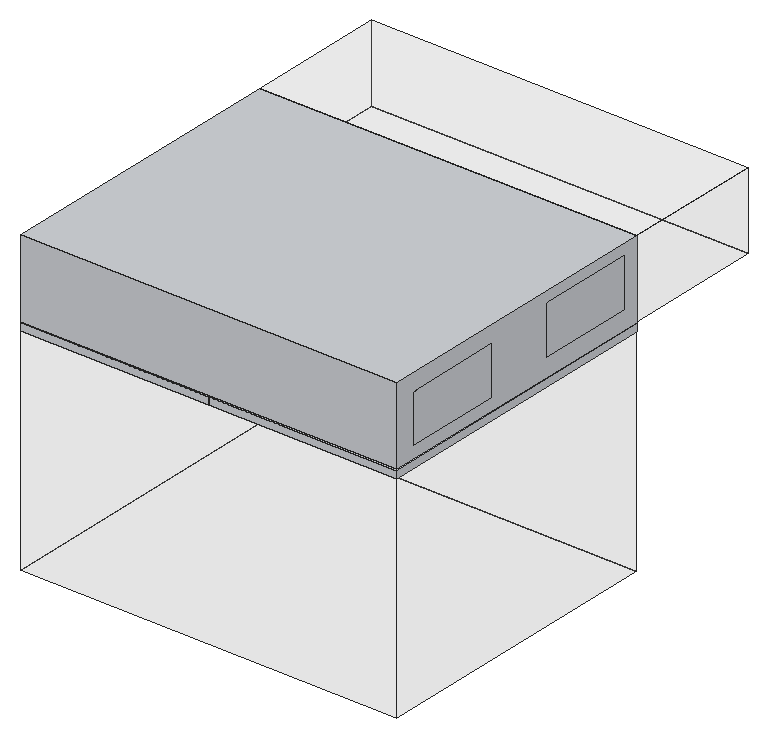
Revit family "AHU 3 _6", category Mechanické zařízení, Revit 2018
Family settings
  Kóta kulaté spojky = Použít průměr
  Typ dílu = Normální
  Číslo OmniClass = 23.75.00.00
  Nadpis OmniClass = Climate Control (HVAC)
  Založené na pracovní rovině = Ne
  Vždy vertikální = Ano
  Ořezat dutým tvarem při načtení = Ne
  Sdílené = Ne
  Bod výpočtu místnosti = Ne
Parameters (values of type "DUPLEXVENT Flexi (3G) DV1700 (RD5)")
  Width [instance] = 1.55 mm
  Weight [instance] = 259.00 kg
  URL = ""
  Type [instance] = "DUPLEXVENT Flexi (3G) DV1700 (RD5)"
  Total_SFP [instance] = 0
  Supply_outlet_hum [instance] = 24.9
  Supply_inlet_hum [instance] = 90
  Supply_ext_pressure [instance] = 200.0 Pa
  Supply_SFP [instance] = 0
  Source_adu_file [instance] = "C:\\\\Users\\\\dgavril\\\\OneDrive - Airflow Developments Ltd\\\\Desktop\\\\adu durley chine V4.adu"
  Recuperation_type [instance] = "Plate heat recovery exchanger"
  Recuperation_efficiency_EN308 [instance] = 82.9
  Project_name [instance] = "Durley Chine Passivhaus"
  Project_date [instance] = "13-08-2021"
  Power_supply_fusing [instance] = "0"
  Power_supply_cable [instance] = "0"
  Position [instance] = "AHU 3 "
  Phases_count [instance] = 1
  Panel_thickness [instance] = 0.06 mm
  Outer_surface [instance] = "RAL 9002"
  Length [instance] = 1.95 mm
  Insulation_type [instance] = "PUR"
  Insulation_thickness [instance] = 0.05 mm
  Installation_environment [instance] = ""
  Input_power_max [instance] = 1560 W
  Inner_surface [instance] = "Pozink"
  I2 [instance] = I1  # 0.0 L/s
  Height [instance] = 0.445 mm
  Exhaust_outlet_hum [instance] = 95.9
  Exhaust_inlet_hum [instance] = 40
  Exhaust_ext_pressure [instance] = 200.0 Pa
  Exhaust_SFP [instance] = 0
  E1 [instance] = E2 - M1  # 0.0 L/s
  E2 [instance] = 0.0 L/s
  I1 [instance] = 0.0 L/s
  Description = ""
  M1 [instance] = 0.0 L/s
  Device_dutypoint_version [instance] = "17"
  Device_design_version [instance] = "56"
  Device_adu_id [instance] = "6"
  Current_max [instance] = 7.8 A
  Casing_mat [instance] = "painted zinc layer"
  Cable type [instance] = "CYKY 5Jx2,5"
Reference planes
  plane 1 "Střed (vpředu/vzadu)": y = 0
  plane 2 "ref": z = 0
  plane 3 "Střed (vlevo/vpravo)": x = 0
Forms (mm)
  Sweep 1, solid
    path origin (0, 0, -400) x (0, 0, 1) y (1, 0, 0)
      loop
        line (0, 0) -> (400, 0)
    profile origin (0, 0, -400) x (1, 0, 0) y (0, 1, 0)
      loop
        line (0, 0) -> (1950, 0) -> (1950, 1550) -> (0, 1550) -> (0, 0)
  Sweep 2, solid
    path origin (1949, 355, -210) x (1, 0, 0) y (0, 1, 0)
      loop
        line (0, 0) -> (1, 0)
    profile origin (1949, 355, -210) x (0, 1, 0) y (0, 0, 1)
      loop
        line (250, 125) -> (-250, 125) -> (-250, -125) -> (250, -125) -> (250, 125)
  Sweep 3, solid
    path origin (1, 1215, -177) x (0, 1, 0) y (-1, 0, 0)
      loop
        line (0, 0) -> (0, 1)
    profile origin (1, 1215, -177) x (0, -1, 0) y (0, 0, 1)
      loop
        line (-250, 125) -> (-250, -125) -> (250, -125) -> (250, 125) -> (-250, 125)
  Sweep 4, solid
    path origin (1, 355, -210) x (0, 1, 0) y (-1, 0, 0)
      loop
        line (0, 0) -> (0, 1)
    profile origin (1, 355, -210) x (0, -1, 0) y (0, 0, 1)
      loop
        line (-250, 125) -> (-250, -125) -> (250, -125) -> (250, 125) -> (-250, 125)
  Sweep 5, solid
    path origin (1949, 1215, -177) x (1, 0, 0) y (0, 1, 0)
      loop
        line (0, 0) -> (1, 0)
    profile origin (1949, 1215, -177) x (0, 1, 0) y (0, 0, 1)
      loop
        line (250, 125) -> (-250, 125) -> (-250, -125) -> (250, -125) -> (250, 125)
  Sweep 6, solid
    path origin (1885, 1550, -420) x (0, 1, 0) y (-1, 0, 0)
      loop
        line (0, 0) -> (30, 0)
    profile origin (1885, 1550, -420) x (-1, 0, 0) y (0, 0, 1)
      loop
        circle (0, 0) r 16
  Sweep 7, solid, material "Servisní prostor"
    path origin (0, 0, -1555) x (0, 0, 1) y (1, 0, 0)
      loop
        line (0, 0) -> (1110, 0)
    profile origin (0, 0, -1555) x (1, 0, 0) y (0, 1, 0)
      loop
        line (0, 0) -> (1950, 0) -> (1950, 1550) -> (0, 1550) -> (0, 0)
  Sweep 8, solid, material "Servisní prostor"
    path origin (0, 0, -400) x (0, 0, 1) y (1, 0, 0)
      loop
        line (0, 0) -> (400, 0)
    profile origin (0, 0, -400) x (1, 0, 0) y (0, 1, 0)
      loop
        line (0, 2270) -> (0, 1550) -> (1950, 1550) -> (1950, 2270) -> (0, 2270)
  Sweep 9, solid
    path origin (0, 0, -445) x (0, 0, 1) y (1, 0, 0)
      loop
        line (0, 0) -> (40, 0)
    profile origin (0, 0, -445) x (1, 0, 0) y (0, 1, 0)
      loop
        line (0, 1550) -> (0, 0) -> (975, 0) -> (975, 1550) -> (0, 1550)
  Sweep 10, solid
    path origin (0, 0, -445) x (0, 0, 1) y (1, 0, 0)
      loop
        line (0, 0) -> (40, 0)
    profile origin (0, 0, -445) x (1, 0, 0) y (0, 1, 0)
      loop
        line (975, 1550) -> (975, 0) -> (1950, 0) -> (1950, 1550) -> (975, 1550)
  Sweep 11, solid
    path origin (0, 0, -355) x (0, 0, 1) y (1, 0, 0)
      loop
        line (0, 0) -> (190, 0)
    profile origin (0, 0, -355) x (1, 0, 0) y (0, 1, 0)
      loop
        line (650, 1550) -> (1305, 1550) -> (1305, 1675) -> (650, 1675) -> (650, 1550)
  Sweep 12, solid
    path origin (650, 1613, -260) x (0, 0, -1) y (1, 0, 0)
      loop
        line (0, 0) -> (0, -1)
    profile origin (650, 1613, -260) x (0, 0, -1) y (0, -1, 0)
      loop
        circle (0, 0) r 10
Lines and regions (mm)
  model lines, style "Symbol"
    curve 1: line (1000, 0, 0) -> (1000, 310, 0)
    curve 2: line (1000, 1550, 0) -> (1000, 1240, 0)
    curve 3: line (0, 775, 0) -> (535, 775, 0)
    curve 4: line (1950, 775, 0) -> (1465, 775, 0)
    curve 5: line (535, 775, 0) -> (767, 1240, 0)
    curve 6: line (767, 1240, 0) -> (1232, 1240, 0)
    curve 7: line (1232, 1240, 0) -> (1465, 775, 0)
    curve 8: line (1465, 775, 0) -> (1232, 310, 0)
    curve 9: line (1232, 310, 0) -> (1000, 310, 0)
    curve 10: line (1000, 310, 0) -> (767, 310, 0)
    curve 11: line (767, 310, 0) -> (535, 775, 0)
    curve 12: line (341, 1052, 0) -> (93, 1094, 0)
    curve 13: line (341, 1273, 0) -> (93, 1231, 0)
    curve 14: line (1609, 1273, 0) -> (1857, 1231, 0)
    curve 15: line (1609, 1052, 0) -> (1857, 1094, 0)
    curve 16: line (1774, 620, 0) -> (1774, 155, 0)
    curve 17: line (1774, 155, 0) -> (1657, 155, 0)
    curve 18: line (1657, 155, 0) -> (1657, 620, 0)
    curve 19: line (1657, 620, 0) -> (1774, 620, 0)
    curve 20: line (1716, 620, 0) -> (1657, 388, 0)
    curve 21: line (1716, 155, 0) -> (1657, 388, 0)
    curve 22: line (175, 155, 0) -> (175, 620, 0)
    curve 23: line (175, 620, 0) -> (292, 620, 0)
    curve 24: line (292, 620, 0) -> (292, 155, 0)
    curve 25: line (292, 155, 0) -> (175, 155, 0)
    curve 26: line (234, 155, 0) -> (292, 388, 0)
    curve 27: line (234, 620, 0) -> (292, 388, 0)
    curve 28: line (1247, 306, 0) -> (1459, 721, 0)
    curve 29: line (1459, 721, 0) -> (1528, 686, 0)
    curve 30: line (1528, 686, 0) -> (1316, 271, 0)
    curve 31: line (1316, 271, 0) -> (1247, 306, 0)
    curve 32: line (1388, 565, 0) -> (1471, 592, 0)
    curve 33: line (1304, 400, 0) -> (1387, 427, 0)
    curve 34: line (0, 1550, -445) -> (975, 1550, -445)
    curve 35: line (0, 0, -445) -> (975, 0, -445)
    curve 36: line (0, 1550, -445) -> (0, 0, -445)
    curve 37: line (975, 1550, -445) -> (975, 0, -445)
    curve 38: line (0, 1550, -445) -> (0, 1550, -405)
    curve 39: line (975, 1550, -445) -> (975, 1550, -405)
    curve 40: line (0, 0, -445) -> (0, 0, -405)
    curve 41: line (975, 0, -445) -> (975, 0, -405)
    curve 42: line (975, 1550, -445) -> (1950, 1550, -445)
    curve 43: line (975, 0, -445) -> (1950, 0, -445)
    curve 44: line (975, 1550, -445) -> (975, 0, -445)
    curve 45: line (1950, 1550, -445) -> (1950, 0, -445)
    curve 46: line (975, 1550, -445) -> (975, 1550, -405)
    curve 47: line (1950, 1550, -445) -> (1950, 1550, -405)
    curve 48: line (975, 0, -445) -> (975, 0, -405)
    curve 49: line (1950, 0, -445) -> (1950, 0, -405)
    curve 50: line (3, 1550, 0) -> (3, 1605, 0)
    curve 51: line (3, 1605, 0) -> (52, 1605, 0)
    curve 52: line (52, 1605, 0) -> (52, 1550, 0)
    curve 53: line (52, 1550, 0) -> (3, 1550, 0)
    curve 54: line (52, 1550, -150) -> (52, 1550, 0)
    curve 55: line (52, 1550, 0) -> (52, 1605, 0)
    curve 56: line (52, 1605, 0) -> (52, 1605, -150)
    curve 57: line (52, 1605, -150) -> (52, 1550, -150)
    curve 58: line (40, 1550, -150) -> (3, 1550, 0)
    curve 59: line (3, 1550, 0) -> (52, 1550, 0)
    curve 60: line (52, 1550, 0) -> (52, 1550, -150)
    curve 61: line (52, 1550, -150) -> (40, 1550, -150)
    curve 62: line (40, 1605, -150) -> (3, 1605, 0)
    curve 63: line (3, 1605, 0) -> (52, 1605, 0)
    curve 64: line (52, 1605, 0) -> (52, 1605, -150)
    curve 65: line (52, 1605, -150) -> (40, 1605, -150)
    curve 66: line (3, -55, 0) -> (3, 0, 0)
    curve 67: line (3, 0, 0) -> (52, 0, 0)
    curve 68: line (52, 0, 0) -> (52, -55, 0)
    curve 69: line (52, -55, 0) -> (3, -55, 0)
    curve 70: line (52, -55, -150) -> (52, -55, 0)
    curve 71: line (52, -55, 0) -> (52, 0, 0)
    curve 72: line (52, 0, 0) -> (52, 0, -150)
    curve 73: line (52, 0, -150) -> (52, -55, -150)
    curve 74: line (40, -55, -150) -> (3, -55, 0)
    curve 75: line (3, -55, 0) -> (52, -55, 0)
    curve 76: line (52, -55, 0) -> (52, -55, -150)
    curve 77: line (52, -55, -150) -> (40, -55, -150)
    curve 78: line (40, 0, -150) -> (3, 0, 0)
    curve 79: line (3, 0, 0) -> (52, 0, 0)
    curve 80: line (52, 0, 0) -> (52, 0, -150)
    curve 81: line (52, 0, -150) -> (40, 0, -150)
    curve 82: line (1948, 0, 0) -> (1948, -55, 0)
    curve 83: line (1948, -55, 0) -> (1897, -55, 0)
    curve 84: line (1897, -55, 0) -> (1897, 0, 0)
    curve 85: line (1897, 0, 0) -> (1948, 0, 0)
    curve 86: line (1897, 0, -150) -> (1897, 0, 0)
    curve 87: line (1897, 0, 0) -> (1897, -55, 0)
    curve 88: line (1897, -55, 0) -> (1897, -55, -150)
    curve 89: line (1897, -55, -150) -> (1897, 0, -150)
    curve 90: line (1910, 0, -150) -> (1948, 0, 0)
    curve 91: line (1948, 0, 0) -> (1897, 0, 0)
    curve 92: line (1897, 0, 0) -> (1897, 0, -150)
    curve 93: line (1897, 0, -150) -> (1910, 0, -150)
    curve 94: line (1910, -55, -150) -> (1948, -55, 0)
    curve 95: line (1948, -55, 0) -> (1897, -55, 0)
    curve 96: line (1897, -55, 0) -> (1897, -55, -150)
    curve 97: line (1897, -55, -150) -> (1910, -55, -150)
    curve 98: line (1948, 1605, 0) -> (1948, 1550, 0)
    curve 99: line (1948, 1550, 0) -> (1897, 1550, 0)
    curve 100: line (1897, 1550, 0) -> (1897, 1605, 0)
    curve 101: line (1897, 1605, 0) -> (1948, 1605, 0)
    curve 102: line (1897, 1605, -150) -> (1897, 1605, 0)
    curve 103: line (1897, 1605, 0) -> (1897, 1550, 0)
    curve 104: line (1897, 1550, 0) -> (1897, 1550, -150)
    curve 105: line (1897, 1550, -150) -> (1897, 1605, -150)
    curve 106: line (1910, 1605, -150) -> (1948, 1605, 0)
    curve 107: line (1948, 1605, 0) -> (1897, 1605, 0)
    curve 108: line (1897, 1605, 0) -> (1897, 1605, -150)
    curve 109: line (1897, 1605, -150) -> (1910, 1605, -150)
    curve 110: line (1910, 1550, -150) -> (1948, 1550, 0)
    curve 111: line (1948, 1550, 0) -> (1897, 1550, 0)
    curve 112: line (1897, 1550, 0) -> (1897, 1550, -150)
    curve 113: line (1897, 1550, -150) -> (1910, 1550, -150)
    curve 114: circle (233, 1163, 0) r 155 normal (0, 0, 1)
    curve 115: circle (1718, 1163, 0) r 155 normal (0, 0, 1)
    curve 116: circle (1430, 579, 0) r 12 normal (0, 0, 1)
    curve 117: circle (1345, 413, 0) r 12 normal (0, 0, 1)
    curve 118: circle (28, 1577, 0) r 5 normal (0, 0, 1)
    curve 119: circle (28, -28, 0) r 5 normal (0, 0, 1)
    curve 120: circle (1923, -28, 0) r 5 normal (0, 0, 1)
    curve 121: circle (1923, 1577, 0) r 5 normal (0, 0, 1)
Dimensions and locks
  aligned and locked: level to plane 2 "ref"
Connectors
  hvac at (1950, 355, -210), driven by "E1"
    settings: on Sweep 2, index 1, duct flow 0.0 L/s, flow factor 0, pres drop 0.0 Pa, loss coef 0, conn angle 0.00°, conn width 500 mm, conn height 250 mm, conn diameter 609.6 mm, duct sys type 1, conn prof type 1, flow config 1, flow direction 1, loss method 0, conn ref index -1, conn util no, is conn primary yes, conn desc ""
  hvac at (0, 1215, -177), driven by "E2"
    settings: on Sweep 3, index 2, duct flow 0.0 L/s, flow factor 1, pres drop 0.0 Pa, loss coef 0, conn angle 0.00°, conn width 500 mm, conn height 250 mm, conn diameter 609.6 mm, duct sys type 1, conn prof type 1, flow config 2, flow direction 2, loss method 0, conn ref index -1, conn util no, is conn primary no, conn desc ""
  hvac at (0, 355, -210), driven by "I1"
    settings: on Sweep 4, index 3, duct flow 0.0 L/s, flow factor 1, pres drop 0.0 Pa, loss coef 0, conn angle 0.00°, conn width 500 mm, conn height 250 mm, conn diameter 609.6 mm, duct sys type 3, conn prof type 1, flow config 2, flow direction 1, loss method 0, conn ref index -1, conn util no, is conn primary no, conn desc ""
  hvac at (1950, 1215, -177), driven by "I2"
    settings: on Sweep 5, index 4, duct flow 0.0 L/s, flow factor 0, pres drop 0.0 Pa, loss coef 0, conn angle 0.00°, conn width 500 mm, conn height 250 mm, conn diameter 609.6 mm, duct sys type 3, conn prof type 1, flow config 1, flow direction 2, loss method 0, conn ref index -1, conn util no, is conn primary no, conn desc ""
  piping at (1885, 1580, -420), diameter 22
    settings: on Sweep 6, index 5, connector inside diameter 609.6 mm, connector length 0 mm, flow factor 0, pipe flow 0.0 L/s, pressure drop 0.0 Pa, fitting loss kfactor 0, connector angle 0.00°, fixture units 0, engagement length 0 mm, angle of deflection 0.00°, flow configuration 1, flow direction 2, fitting loss method 0, system type 16, joint type 0, gender type 0, connector reference index -1, connector utility 0, adjustable connector no, is connector primary yes, connector description ""
  electrical at (649, 1613, -260)
    settings: on Sweep 12, index 6, voltage 230 V, apparent load 0 VA, apparent load phase1 0 VA, apparent load phase2 0 VA, apparent load phase3 0 VA, power factor 1, load classification "Další", number of poles 1, system type 31, power factor state 1, is connector primary yes, connector utility no, sub classification motor no, connector description ""
